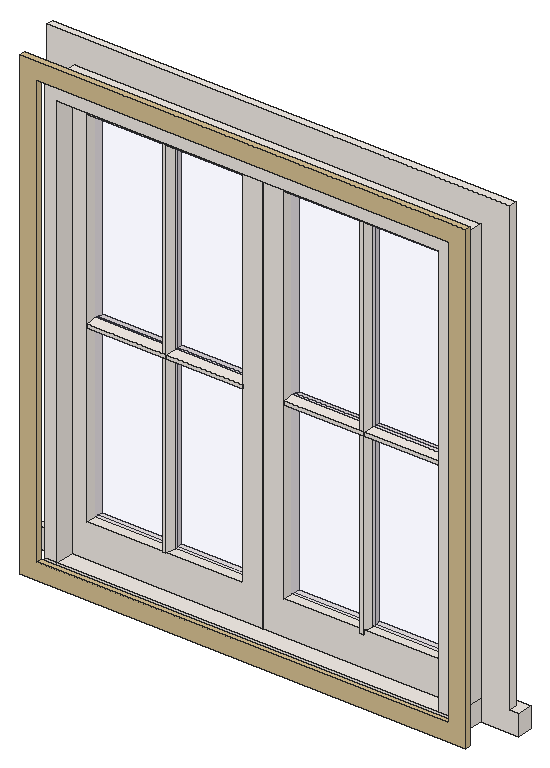
Revit family "GNW_A3-Casement-Timber-4Lite-Trim-(NZ)", category Windows, host Wall, Revit 2016
Family settings
  Host = Wall
  Always vertical = Yes
  Cut with Voids When Loaded = No
  Shared = No
  Room Calculation Point = No
Parameters (values of type "1020 x 1200 Timber")
  Sash Thickness = 50 mm
  Rebate Thickness = 17 mm
  WithinWall = 0 mm
  Operation = "DoublePanelVertical"
  CoverBd Width = 90 mm
  Structural Tolerance = 5 mm
  Sill Thickness = 55 mm
  Rough Width = 1094 mm
  Rough Height = Height + (2 * (Frame Thickness + Structural Tolerance))  # 1274 mm
  Height = 1200 mm
  Frame Thickness = 32 mm
  Default Sill Height = 800 mm
  CoverBd Thickness = 20 mm
  Wall Closure = By host
  Width = 1020 mm
  Assembly Code = ""
  Architrave Width = 45 mm
  Architrave Thickness = 15 mm
Reference planes
  plane 1: y = 50
  plane 2 "Center (Left/Right)": x = 7
  plane 3 "Left": x = -540
  plane 4 "Right": x = 554
  plane 5 "Sill": z = 912.616
  plane 6 "Head": z = 2112.616
  plane 7 "Exterior": y = 100
  plane 8 "Interior": y = 0
  plane 9: x = -535
  plane 10: x = 549
  plane 11: x = -503
  plane 12: x = 517
  plane 13 "Back of Sash": y = 50
  plane 14: z = 917.616
  plane 15: z = 2107.616
  plane 16: z = 2075.616
  plane 17: z = 972.616
  plane 18 "Rebate Left": x = -520
  plane 19 "Rebate Right": x = 534
  plane 20: z = 1531.616
  plane 21: z = 2090.616
  plane 22: x = -256.5
  plane 23: x = 270.5
  plane 24 "GlassFace": y = 75
Forms (mm)
  Extrusion 1, solid
    sketch origin (0, 0, 912.616) x (0, -1, 0) y (1, 0, 0)
      loop
        line (0, -535) -> (0, 549) -> (-100, 549) -> (-100, 649) -> (-140, 649) -> (-140, -635) -> (-100, -635) -> (-100, -535) -> (0, -535)
    from 5 to 60
  Sweep 2, solid, detail levels fine
    path origin (0, 0, 0) x (1, 0, 0) y (0, 0, 1)
      loop
        line (-540, 2112.616) -> (-540, 972.616) -> (549, 972.616) -> (549, 2112.616) -> (-540, 2112.616)
    profile origin (4.5, 0, 0) x (0, 0, 1) y (0, -1, 0)
      loop
        line (2117.616, 0) -> (2162.616, 0) -> (2162.616, 15) -> (2117.616, 15) -> (2117.616, 0)
  Extrusion 3, solid, detail levels medium+fine
    sketch origin (0, 0, 912.616) x (0, -1, 0) y (1, 0, 0)
      loop
        line (1.293, -503) -> (1.293, 517) -> (-50, 517) -> (-50, -503) -> (1.293, -503)
    from 35.759 to 52.652
  Extrusion 4, solid
    sketch origin (0, 100, 0) x (1, 0, 0) y (0, 0, 1)
      loop
        line (7, 972.616) -> (7, 2088.616) -> (-520, 2088.616) -> (-520, 972.616) -> (7, 972.616)
      loop
        line (-48, 1062.616) -> (-48, 2038.616) -> (-463, 2038.616) -> (-463, 1062.616) -> (-48, 1062.616)
    from 0 to 50
  Extrusion 5, solid
    sketch origin (0, 100, 0) x (1, 0, 0) y (0, 0, 1)
      loop
        line (480, 1062.616) -> (480, 2038.616) -> (62, 2038.616) -> (62, 1062.616) -> (480, 1062.616)
    from 25 to 16.095
  Extrusion 6, solid
    sketch origin (-527, 75, 0) x (1, 0, 0) y (0, 0, 1)
      loop
        line (479, 1062.616) -> (479, 2040.616) -> (62, 2040.616) -> (62, 1062.616) -> (479, 1062.616)
    from 0 to -8.905
  Extrusion 7, solid, detail levels medium+fine
    sketch origin (0, 0, 912.616) x (0, -1, 0) y (1, 0, 0)
      loop
        line (-100, -252.321) -> (-100, -260.563) -> (-83.905, -265.793) -> (-75, -265.793) -> (-50, -261.5) -> (-50, -251.5) -> (-75, -247.092) -> (-83.905, -247.092) -> (-100, -252.321)
    from 150 to 1126
  Extrusion 8, solid, detail levels medium+fine
    sketch origin (0, 0, 912.616) x (0, -1, 0) y (1, 0, 0)
      loop
        line (-100, 274.398) -> (-100, 266.816) -> (-83.905, 261.274) -> (-75, 261.274) -> (-50, 266.133) -> (-50, 275.566) -> (-75, 279.975) -> (-83.905, 279.975) -> (-100, 274.398)
    from 140 to 1126
  Extrusion 9, solid, detail levels medium+fine
    sketch origin (-540, 0, 0) x (0, -1, 0) y (0, 0, 1)
      loop
        line (-100, 1526.616) -> (-83.905, 1522.208) -> (-75, 1522.208) -> (-50, 1526.616) -> (-50, 1536.616) -> (-75, 1540.909) -> (-83.905, 1540.909) -> (-100, 1536.616) -> (-100, 1526.616)
    from -77 to -492
  Extrusion 10, solid, detail levels medium+fine
    sketch origin (-15, 0, 0) x (0, -1, 0) y (0, 0, 1)
      loop
        line (-100, 1526.616) -> (-83.905, 1522.208) -> (-75, 1522.208) -> (-50, 1526.616) -> (-50, 1536.616) -> (-75, 1540.909) -> (-83.905, 1540.909) -> (-100, 1536.616) -> (-100, 1526.616)
    from -77 to -495
  Sweep 11, solid, detail levels medium+fine
    path origin (0, 200, 0) x (1, 0, 0) y (0, 0, 1)
      loop
        line (549, 972.616) -> (549, 2107.616) -> (-535, 2107.616) -> (-535, 972.616)
    profile origin (0, 0, 1540.116) x (-1, 0, 0) y (0, -1, 0)
      loop
        line (-549, -100) -> (-534, -100) -> (-534, -50) -> (-517, -50) -> (-517, 0) -> (-549, 0) -> (-549, -100)
  Extrusion 12, solid
    sketch origin (0, 75, 0) x (1, 0, 0) y (0, 0, 1)
      loop
        line (534, 972.616) -> (534, 2088.616) -> (7, 2088.616) -> (7, 972.616) -> (534, 972.616)
      loop
        line (480, 1062.616) -> (480, 2038.616) -> (62, 2038.616) -> (62, 1062.616) -> (480, 1062.616)
    from -25 to 25
  Sweep 13, solid
    path origin (0, 100, 0) x (1, 0, 0) y (0, 0, 1)
      loop
        line (534, 972.616) -> (534, 2088.616) -> (-520, 2088.616) -> (-520, 972.616)
    profile origin (534, 100, 1530.616) x (-1, 0, 0) y (0, -1, 0)
      loop
        line (0, 0) -> (-90, 0) -> (-90, -20) -> (0, -20) -> (0, 0)
Cuts and joins
  joined: Extrusion 1, Sweep 13
Lines and regions (mm)
  Opening 1
    outline origin (3500, 0, 0) x (1, 0, 0) y (0, 0, 1)
      loop
        line (-2946, 912.616) -> (-2946, 2112.616) -> (-4040, 2112.616) -> (-4040, 912.616) -> (-2946, 912.616)
  symbolic lines, style "Windows", detail levels coarse
    curve 1: line (-535, 50, 0) -> (549, 50, 0)
  symbolic lines, style "Elevation Swing"
    curve 2: line (7, 0, 972.616) -> (534, 0, 1532.616)
    curve 3: line (534, 0, 1532.616) -> (7, 0, 2092.616)
    curve 4: line (7, 0, 2092.616) -> (-520, 0, 1532.616)
    curve 5: line (-520, 0, 1532.616) -> (7, 0, 972.616)
Text (mm)
  text "EXTERIOR" at (-1981.535, 863.181, 0), in view "Ref. Level"
  text "INTERIOR" at (-2017.992, -707.606, 0), in view "Ref. Level"
  text "Exterior" at (0, 923.751, 2943.296), in view "Right"
  text "Exterior" at (0, 1019.841, 2788.626), in view "Left"
Dimensions and locks
  equal spacing: plane 3 "Left", plane 2 "Center (Left/Right)", plane 4 "Right"
  "Rough Width": plane 3 "Left" to plane 4 "Right"
  "Height": plane 5 "Sill" to plane 6 "Head"
  plane 5 "Sill" to level = 912.616 mm
  "WithinWall": plane 7 "Exterior" to host wall
  locked: host wall to plane 8 "Interior" at 0
  "Structural Tolerance": plane 3 "Left" to plane 9
  "Structural Tolerance": plane 10 to plane 4 "Right"
  "Frame Thickness": plane 9 to plane 11
  "Frame Thickness": plane 12 to plane 10
  "Structural Tolerance": plane 5 "Sill" to plane 14
  "Sill Thickness": plane 14 to plane 17
  "Structural Tolerance": plane 15 to plane 6 "Head"
  "Frame Thickness": plane 16 to plane 15
  "Sash Thickness": plane 13 "Back of Sash" to plane 7 "Exterior"
  "Rebate Thickness": plane 18 "Rebate Left" to plane 11
  "Rebate Thickness": plane 12 to plane 19 "Rebate Right"
  Extrusion 5 to Extrusion 5 = 8.905 mm
  equal spacing: plane 17, plane 20, plane 21
  "Rebate Thickness": plane 21 to plane 15
  equal spacing: plane 18 "Rebate Left", plane 22, plane 2 "Center (Left/Right)"
  equal spacing: plane 2 "Center (Left/Right)", plane 23, plane 19 "Rebate Right"
  locked: Extrusion 6 to Extrusion 6 at 8.905
  plane 24 "GlassFace" to plane 7 "Exterior" = 25 mm
  Extrusion 1 to plane 24 "GlassFace" to host wall = 25 mm, 25 mm
  "CoverBd Thickness": Sweep 13 to Sweep 13
  "CoverBd Width": Sweep 13 to Sweep 13
  aligned and locked: plane 1 to host wall
  aligned and locked: plane 14 to Extrusion 1
  aligned and locked: plane 8 "Interior" to Sweep 2 sketch curve  (x2)
  aligned and locked: plane 13 "Back of Sash" to curve 1
  aligned and locked: plane 12 to Extrusion 3 sketch curve
  aligned and locked: Extrusion 6 to Extrusion 4
  aligned and locked: Extrusion 6 to Extrusion 5
  aligned and locked: Extrusion 6 to Extrusion 7 sketch curve  (x4)
  aligned and locked: plane 13 "Back of Sash" to Extrusion 7 sketch curve
  aligned and locked: Extrusion 7 to Extrusion 4  (x2)
  aligned and locked: Extrusion 9 to Extrusion 4
  aligned and locked: plane 24 "GlassFace" to Extrusion 5
  aligned and locked: Extrusion 5 to Extrusion 8 sketch curve  (x4)
  aligned and locked: Extrusion 8 sketch curve to plane 7 "Exterior"
  aligned and locked: Extrusion 7 sketch curve to plane 7 "Exterior"
  aligned and locked: host wall to Extrusion 1 sketch curve
  aligned and locked: Extrusion 4 to Extrusion 8
  aligned and locked: Extrusion 5 to Extrusion 10
  aligned and locked: plane 13 "Back of Sash" to Extrusion 12
  aligned and locked: Extrusion 12 to Extrusion 4
  aligned and locked: Extrusion 12 to plane 7 "Exterior"
  aligned and locked: Sweep 11 sketch curve to plane 8 "Interior"
  aligned and locked: plane 13 "Back of Sash" to Sweep 11 sketch curve
  aligned and locked: Sweep 11 sketch curve to Extrusion 12
  aligned and locked: cut or joined group of Extrusion 1, Sweep 13 to plane 17
Automatic sketch dimensions
  Opening 1 sketch curve to plane 3 "Left" = 0 mm
  Opening 1 sketch curve to plane 4 "Right" = 0 mm
  Opening 1 sketch curve to plane 5 "Sill" = 0 mm
  Opening 1 sketch curve to plane 6 "Head" = 0 mm
  Sweep 2 sketch curve to profile plane = 5 mm
  Sweep 2 sketch curve to Sweep 2 sketch curve = 45 mm
  plane 8 "Interior" to Sweep 2 sketch curve = 15 mm
  host wall to Extrusion 3 sketch curve = 1.293 mm
  Extrusion 4 sketch curve to plane 18 "Rebate Left" = 0 mm
  plane 11 to Extrusion 6 sketch curve = 38 mm
  Extrusion 6 sketch curve to plane 2 "Center (Left/Right)" = 55 mm
  Extrusion 6 sketch curve to plane 17 = 90 mm
  plane 16 to Extrusion 6 sketch curve = 35 mm
  curve 4 to plane 18 "Rebate Left" = 0 mm
  curve 2 to plane 17 = 0 mm
  curve 5 to plane 20 = 1 mm
  curve 2 to plane 20 = 1 mm
  plane 21 to curve 4 = 2 mm
  curve 1 to plane 9 = 0 mm
  curve 1 to plane 10 = 0 mm
  Extrusion 9 sketch curve to host wall = 0 mm
  Extrusion 9 sketch curve to plane 13 "Back of Sash" = 0 mm
  Extrusion 9 sketch curve to host wall = 16.095 mm  (x2)
  Extrusion 9 sketch curve to plane 20 = 9.293 mm
  Extrusion 9 sketch curve to Extrusion 9 sketch curve = 8.905 mm  (x2)
  Extrusion 9 sketch curve to plane 20 = 5 mm  (x2)
  plane 20 to Extrusion 9 sketch curve = 5 mm  (x2)
  plane 20 to Extrusion 9 sketch curve = 9.408 mm
  Extrusion 10 sketch curve to host wall = 0 mm
  Extrusion 10 sketch curve to plane 13 "Back of Sash" = 0 mm
  Extrusion 10 sketch curve to host wall = 16.095 mm  (x2)
  Extrusion 10 sketch curve to Extrusion 10 sketch curve = 8.905 mm  (x2)
  plane 20 to Extrusion 10 sketch curve = 9.408 mm
  Extrusion 10 sketch curve to Extrusion 10 sketch curve = 4.408 mm  (x2)
  Extrusion 10 sketch curve to Extrusion 10 sketch curve = 10 mm  (x2)
  Extrusion 10 sketch curve to Extrusion 10 sketch curve = 4.293 mm
  Extrusion 8 sketch curve to plane 13 "Back of Sash" = 0 mm
  plane 23 to Extrusion 8 sketch curve = 9.226 mm
  plane 23 to Extrusion 8 sketch curve = 4.367 mm
  plane 23 to Extrusion 8 sketch curve = 3.684 mm
  Extrusion 8 sketch curve to plane 23 = 3.898 mm
  Extrusion 8 sketch curve to plane 23 = 5.066 mm
  Extrusion 8 sketch curve to plane 23 = 9.475 mm
  plane 22 to Extrusion 7 sketch curve = 9.293 mm
  plane 22 to Extrusion 7 sketch curve = 5 mm
  plane 22 to Extrusion 7 sketch curve = 4.063 mm
  Extrusion 7 sketch curve to plane 22 = 4.179 mm
  Extrusion 7 sketch curve to plane 22 = 5 mm
  Extrusion 7 sketch curve to plane 22 = 9.408 mm
  Extrusion 1 sketch curve to Extrusion 1 sketch curve = 40 mm
  plane 3 "Left" to Extrusion 1 sketch curve = 95 mm
  Extrusion 1 sketch curve to plane 4 "Right" = 95 mm
  curve 3 to plane 19 "Rebate Right" = 0 mm
  Extrusion 1 sketch curve to host wall = 0 mm  (x2)
  Extrusion 1 sketch curve to plane 9 = 0 mm
  Extrusion 1 sketch curve to plane 10 = 0 mm
  Extrusion 3 sketch curve to plane 11 = 0 mm
  Extrusion 3 sketch curve to plane 13 "Back of Sash" = 0 mm
  plane 11 to Extrusion 4 sketch curve = 40 mm
  Extrusion 4 sketch curve to plane 21 = 2 mm
  Sweep 2 sketch curve to plane 3 "Left" = 0 mm
  Sweep 2 sketch curve to plane 10 = 0 mm
  Sweep 2 sketch curve to plane 17 = 0 mm
  Sweep 2 sketch curve to plane 6 "Head" = 0 mm
  Sweep 11 sketch curve to plane 9 = 0 mm
  Sweep 11 sketch curve to plane 10 = 0 mm
  Sweep 11 sketch curve to plane 17 = 0 mm  (x2)
  Sweep 11 sketch curve to plane 15 = 0 mm
  curve 3 to plane 2 "Center (Left/Right)" = 0 mm
  curve 5 to plane 2 "Center (Left/Right)" = 0 mm
  Extrusion 4 sketch curve to plane 2 "Center (Left/Right)" = 0 mm
  Extrusion 4 sketch curve to plane 17 = 0 mm
  Extrusion 4 sketch curve to plane 2 "Center (Left/Right)" = 55 mm
  Extrusion 4 sketch curve to plane 17 = 90 mm
  plane 16 to Extrusion 4 sketch curve = 37 mm
  plane 2 "Center (Left/Right)" to Extrusion 5 sketch curve = 55 mm
  Extrusion 5 sketch curve to plane 12 = 37 mm
  Extrusion 5 sketch curve to plane 17 = 90 mm
  plane 16 to Extrusion 5 sketch curve = 37 mm
  Extrusion 12 sketch curve to plane 2 "Center (Left/Right)" = 0 mm
  Extrusion 12 sketch curve to plane 19 "Rebate Right" = 0 mm
  Extrusion 12 sketch curve to plane 17 = 0 mm
  plane 2 "Center (Left/Right)" to Extrusion 12 sketch curve = 55 mm
  Extrusion 12 sketch curve to plane 12 = 37 mm
  Extrusion 12 sketch curve to plane 17 = 90 mm
  plane 16 to Extrusion 12 sketch curve = 37 mm
  Extrusion 12 sketch curve to plane 21 = 2 mm
  Sweep 11 sketch curve to profile plane = 0 mm
  Sweep 11 sketch curve to Sweep 11 sketch curve = 32 mm
  Sweep 11 sketch curve to Sweep 11 sketch curve = 50 mm
  Sweep 13 sketch curve to plane 18 "Rebate Left" = 0 mm
  Sweep 13 sketch curve to plane 19 "Rebate Right" = 0 mm
  Sweep 13 sketch curve to plane 17 = 0 mm  (x2)
  Sweep 13 sketch curve to plane 21 = 2 mm
  Sweep 13 sketch curve to plane 7 "Exterior" = 0 mm
  Sweep 13 sketch curve to profile plane = 0 mm
  Sweep 13 sketch curve to plane 7 "Exterior" = 20 mm
  profile plane to Sweep 13 sketch curve = 90 mm
